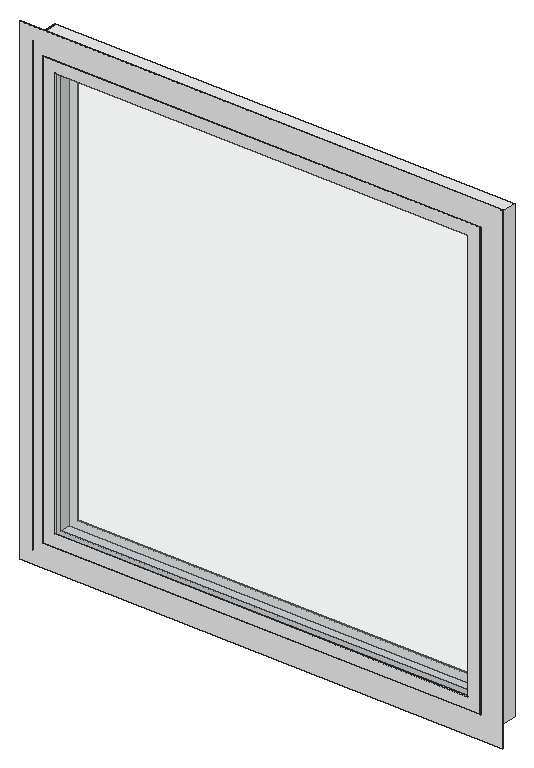
Revit family "Casement_34_A_Top_Hung_Custom", category Windows, host Wall, Revit 2014
Parameters (values of type "Casement_Sash_DG")
  Width Sash [instance] = 30 mm
  Width Sash Inner = 15 mm
  Width Bead = 15 mm
  Top Hung [instance] = yes
  Side Hung Right [instance] = yes
  Side Hung Left [instance] = yes
  Sash Opening Width [instance] = 600 mm
  Sash Opening Height [instance] = 600.312 mm
  Sash Lip = 15 mm
  Glazing Material [instance] = Glass
  DG Start Piece 2 [instance] = DG End Piece 1 + DG Gasket Thickness  # 25 mm
  DG Start Peice 1 [instance] = (Depth Sash - (2 * DG Glazing Thickness) - DG Gasket Thickness) / 2  # 6.6 mm
  Glazing Offset = 5 mm
  DG Glazing Thickness [instance] = 6.4 mm
  DG Gasket Thickness = 12 mm  # constant formula
  DG Gasket Material [instance] = none
  DG End Piece 2 [instance] = DG Start Piece 2 + DG Glazing Thickness  # 31.4 mm
  DG End Piece 1 [instance] = DG Start Peice 1 + DG Glazing Thickness  # 13 mm
  Depth Sash [instance] = 38 mm
  Center Vertical Sash [instance] = Sash Opening Height / 2  # 300.156 mm
  Center Horizontal Sash [instance] = Sash Opening Width / 2  # 300 mm
  Bottom Hung [instance] = yes
  Bead Offset = 15 mm
  Aluminium Thickness = 1 mm
  Aluminium Material [instance] = White Powder Coated Aluminium
Reference planes
  plane 1 "Center (Front/Back)": y = 0
  plane 2: z = 0
  plane 3 "Center (Left/Right)": x = 0
Forms (mm)
  Sweep 1, solid, material "White Powder Coated Aluminium" <- "Aluminium Material"
    path origin (16.177, 0, 121.331) x (1, 0, 0) y (0, 0, 1)
      loop
        line (0, 0) -> (600, 0) -> (600, 600.312) -> (0, 600.312) -> (0, 0)
    profile origin (316.177, 0, 121.331) x (0, 0, 1) y (0, -1, 0)
      loop
        line (0, 0) -> (30, 0) -> (30, 1) -> (15, 1) -> (15, 38) -> (-15, 38) -> (-15, 37) -> (0, 37) -> (0, 0)
      loop
        line (14, 1) -> (14, 37) -> (1, 37) -> (1, 1) -> (14, 1)
  Sweep 2, solid, material "White Powder Coated Aluminium" <- "Aluminium Material"
    path origin (0, 0, 0) x (1, 0, 0) y (0, 0, 1)
      loop
        line (31.177, 706.643) -> (31.177, 136.331) -> (601.177, 136.331) -> (601.177, 706.643) -> (31.177, 706.643)
    profile origin (316.177, 0, 706.643) x (0, 0, 1) y (0, -1, 0)
      loop
        line (0, 37) -> (0, 38) -> (-15, 38) -> (-15, 37) -> (0, 37)
  Extrusion 3, solid, material "Glass" <- "Glazing Material"
    sketch origin (0, 0, 0) x (1, 0, 0) y (0, 0, 1)
      loop
        line (36.177, 701.643) -> (36.177, 141.331) -> (596.177, 141.331) -> (596.177, 701.643) -> (36.177, 701.643)
    from 6.6 <- "DG Start Peice 1" to 13 <- "DG End Piece 1"
  Extrusion 4, solid, material "Glass" <- "Glazing Material"
    sketch origin (0, 0, 0) x (1, 0, 0) y (0, 0, 1)
      loop
        line (36.177, 701.643) -> (36.177, 141.331) -> (596.177, 141.331) -> (596.177, 701.643) -> (36.177, 701.643)
    from 31.4 <- "DG End Piece 2" to 25 <- "DG Start Piece 2"
  Sweep 5, solid, material <- "DG Gasket Material"
    path origin (0, -13, 0) x (1, 0, 0) y (0, 0, 1)
      loop
        line (36.177, 701.643) -> (36.177, 141.331) -> (596.177, 141.331) -> (596.177, 701.643) -> (36.177, 701.643)
    profile origin (316.177, -13, 701.643) x (0, 0, 1) y (0, -1, 0)
      loop
        line (0, 0) -> (0, 12) -> (-7.96, 12) -> (-7.96, 0) -> (0, 0)
Lines and regions (mm)
  model lines
    curve 1: line (1.177, -38, 736.643) -> (31.177, -38, 706.643)
    curve 2: line (601.177, -38, 706.643) -> (631.177, -38, 736.643)
    curve 3: line (601.177, -38, 136.331) -> (631.177, -38, 106.331)
    curve 4: line (1.177, -38, 106.331) -> (31.177, -38, 136.331)
    curve 5: line (631.177, -37, 736.643) -> (616.177, -37, 721.643)
    curve 6: line (1.177, -37, 736.643) -> (16.177, -37, 721.643)
    curve 7: line (1.177, -37, 106.331) -> (16.177, -37, 121.331)
    curve 8: line (631.177, -37, 106.331) -> (616.177, -37, 121.331)
    curve 9: line (616.177, 0, 121.331) -> (586.177, 0, 151.331)
    curve 10: line (46.177, 0, 151.331) -> (16.177, 0, 121.331)
    curve 11: line (616.177, 0, 721.643) -> (586.177, 0, 691.643)
    curve 12: line (46.177, 0, 691.643) -> (16.177, 0, 721.643)
    curve 13: line (31.177, -38, 691.643) -> (46.177, -38, 691.643)
    curve 14: line (586.177, -38, 691.643) -> (601.177, -38, 691.643)
    curve 15: line (586.177, -38, 151.331) -> (601.177, -38, 151.331)
    curve 16: line (31.177, -38, 151.331) -> (46.177, -38, 151.331)
  model lines, style "GenericModelHiddenLines", visible <- "Top Hung"
    curve 17: line (46.386, -31.4, 690.914) -> (316.177, -31.4, 151.331)
    curve 18: line (316.177, -31.4, 151.331) -> (586.177, -31.4, 691.331)
  model lines, style "GenericModelHiddenLines", visible <- "Bottom Hung"
    curve 19: line (46.177, -31.4, 151.331) -> (316.177, -31.4, 691.331)
    curve 20: line (316.177, -31.4, 691.331) -> (586.177, -31.4, 151.331)
  model lines, style "GenericModelHiddenLines", visible <- "Side Hung Left"
    curve 21: line (46.386, -31.4, 690.914) -> (585.24, -31.4, 421.487)
    curve 22: line (585.24, -31.4, 421.487) -> (46.177, -31.4, 151.331)
  model lines, style "GenericModelHiddenLines", visible <- "Side Hung Right"
    curve 23: line (586.177, -31.4, 691.331) -> (46.177, -31.4, 421.487)
    curve 24: line (46.177, -31.4, 421.487) -> (586.177, -31.4, 151.331)
Dimensions and locks
  "Aluminium Thickness": Sweep 1 sketch curve to Sweep 1 sketch curve  (x4)
  "Depth Sash": Sweep 1 sketch curve to Sweep 1 sketch curve
  "Sash Opening Width": Sweep 1 to Sweep 1
  "Sash Opening Height": Sweep 1 to Sweep 1
  "Width Sash": Sweep 1 sketch curve to Sweep 1 sketch curve  (x2)
  "Width Sash Inner": Sweep 1 sketch curve to Sweep 1 sketch curve
  "Sash Lip": Sweep 1 sketch curve to Sweep 1 sketch curve
  "Aluminium Thickness": Sweep 1 to Sweep 2 sketch curve
  "Glazing Offset": Sweep 2 to Extrusion 3 sketch curve  (x3)
  "Glazing Offset": Extrusion 3 sketch curve to Sweep 2
  Sweep 1 to Sweep 1 = 1 mm
  "Aluminium Thickness": Sweep 2 sketch curve to Sweep 2 sketch curve
  "Width Bead": Sweep 2 sketch curve to Sweep 2 sketch curve
  locked: Sweep 5 sketch curve to Sweep 5 sketch curve at 7.96
  "Center Horizontal Sash": Sweep 1 to curve 18
  "Center Horizontal Sash": Sweep 1 to curve 20
  "Center Vertical Sash": Sweep 1 to curve 22
  "Center Vertical Sash": Sweep 1 to curve 24
  aligned and locked: level to plane 2
  aligned and locked: Sweep 1 sketch curve to Sweep 1 sketch curve  (x2)
  aligned and locked: Sweep 2 sketch curve to Sweep 1  (x5)
  aligned and locked: Extrusion 4 sketch curve to Extrusion 3  (x4)
  aligned and locked: Sweep 5 sketch curve to Extrusion 3  (x5)
  aligned and locked: Extrusion 3 to Sweep 5 sketch curve
Automatic sketch dimensions
  plane 3 "Center (Left/Right)" to Sweep 1 sketch curve = 16.177 mm
  level to Sweep 1 sketch curve = 121.331 mm
  plane 3 "Center (Left/Right)" to Sweep 1 sketch curve = 616.177 mm
  level to Sweep 1 sketch curve = 721.643 mm
  profile plane to Sweep 5 sketch curve = 12 mm
  curve 7 to Sweep 1 = 0 mm  (x4)
  curve 6 to Sweep 1 = 0 mm  (x3)
  Sweep 1 to curve 6 = 0 mm
  curve 5 to Sweep 1 = 0 mm  (x3)
  curve 8 to Sweep 1 = 0 mm  (x4)
  Sweep 1 to curve 5 = 0 mm
  curve 16 to Sweep 2 = 0 mm  (x3)
  curve 13 to Sweep 2 = 0 mm  (x3)
  curve 15 to Sweep 2 = 0 mm
  Sweep 2 to curve 15 = 0 mm  (x2)
  curve 14 to Sweep 2 = 0 mm  (x2)
  Sweep 2 to curve 14 = 0 mm
  curve 1 to Sweep 1 = 0 mm  (x4)
  curve 4 to Sweep 1 = 0 mm  (x3)
  Sweep 1 to curve 4 = 0 mm
  curve 3 to Sweep 1 = 0 mm  (x3)
  curve 2 to Sweep 1 = 0 mm  (x4)
  Sweep 1 to curve 3 = 0 mm
  curve 10 to Sweep 1 = 0 mm  (x4)
  curve 12 to Sweep 1 = 0 mm  (x3)
  Sweep 1 to curve 12 = 0 mm
  curve 9 to Sweep 1 = 0 mm  (x4)
  curve 11 to Sweep 1 = 0 mm  (x3)
  Sweep 1 to curve 11 = 0 mm
  Sweep 1 sketch curve to plane 1 "Center (Front/Back)" = 0 mm
  profile plane to Sweep 1 sketch curve = 0 mm
  curve 21 to Extrusion 4 = 10.208 mm
  curve 19 to Extrusion 4 = 10 mm
  curve 23 to Extrusion 4 = 10 mm  (x2)
  curve 22 to Extrusion 4 = 10.937 mm
  curve 20 to Extrusion 4 = 10 mm
  curve 24 to Extrusion 4 = 10 mm
  curve 22 to Extrusion 4 = 10 mm
  curve 18 to Extrusion 4 = 10 mm
  curve 21 to Extrusion 4 = 10.729 mm
  curve 19 to Extrusion 4 = 10.312 mm
  curve 18 to Extrusion 4 = 10.312 mm
